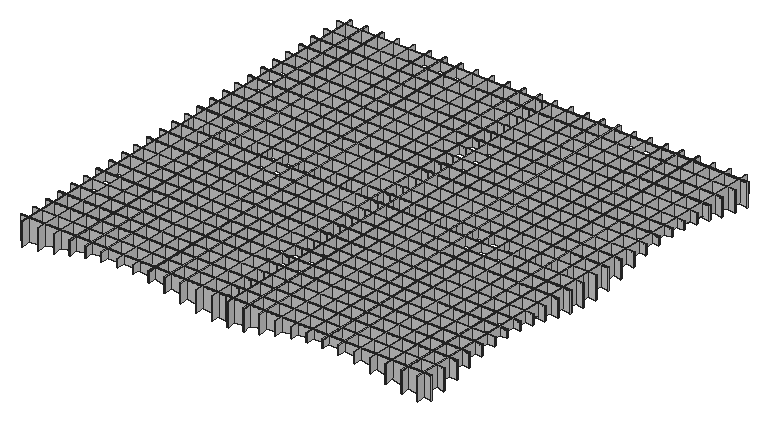
Revit family "CLD-WFL-002_RFA", category Modelos genéricos, Revit 2022 (continued)
Forms (in)
  Extrusion 220, solid
    sketch origin (0, 120.10067, 0) x (1, 0, 0) y (0, 0, 1)
      loop
        spline (95.78122, 2.96599) -> (96.4698, 2.85601) -> (97.15931, 2.74512) -> (97.84968, 2.63332) -> (98.54085, 2.52058) -> (99.23273, 2.40692) -> (99.92527, 2.2923) -> (100.61838, 2.17673) -> (101.31201, 2.06019) -> (102.00608, 1.94268) -> (102.70052, 1.82418) -> (103.39525, 1.70469) -> (104.09022, 1.58418)
        spline (104.09022, 1.58418) -> (104.41609, 1.52715) -> (104.74197, 1.46988) -> (105.06787, 1.41237) -> (105.39376, 1.35462) -> (105.71965, 1.29662) -> (106.04553, 1.23838) -> (106.37138, 1.1799) -> (106.6972, 1.12116) -> (107.02298, 1.06219) -> (107.34871, 1.00296) -> (107.67439, 0.94348) -> (108, 0.88375)
        line (108, 0.88375) -> (108, 11.82144)
    from -0.11811 to 0
  Extrusion 221, solid
    sketch origin (0, 120.57311, 0) x (1, 0, 0) y (0, 0, 1)
      loop
        line (108, 11.82144) -> (0, 11.82144) -> (0, 0.88375)
        spline (0, 0.88375) -> (0.32561, 0.94348) -> (0.65129, 1.00296) -> (0.97702, 1.06219) -> (1.3028, 1.12116) -> (1.62862, 1.1799) -> (1.95447, 1.23838) -> (2.28035, 1.29662) -> (2.60624, 1.35462) -> (2.93213, 1.41237) -> (3.25803, 1.46988) -> (3.58391, 1.52715) -> (3.90978, 1.58418)
        spline (3.90978, 1.58418) -> (4.64426, 1.71122) -> (5.37851, 1.8372) -> (6.11243, 1.96212) -> (6.84596, 2.086) -> (7.57903, 2.20885) -> (8.31155, 2.33067) -> (9.04347, 2.45149) -> (9.77469, 2.57131) -> (10.50515, 2.69014) -> (11.23478, 2.80798) -> (11.96349, 2.92486) -> (12.69122, 3.04079)
        spline (12.69122, 3.04079) -> (13.34952, 3.14441) -> (14.00673, 3.24717) -> (14.66285, 3.34906) -> (15.31792, 3.45005) -> (15.97202, 3.55011) -> (16.62518, 3.64921) -> (17.27747, 3.74732) -> (17.92894, 3.8444) -> (18.57965, 3.94043) -> (19.22966, 4.03537) -> (19.87902, 4.12919) -> (20.52778, 4.22187)
        spline (20.52778, 4.22187) -> (21.26116, 4.32437) -> (21.99403, 4.42546) -> (22.72646, 4.52511) -> (23.45852, 4.62328) -> (24.19027, 4.71993) -> (24.92177, 4.81503) -> (25.6531, 4.90854) -> (26.3843, 5.00042) -> (27.11545, 5.09065) -> (27.84662, 5.17918) -> (28.57786, 5.26598) -> (29.30922, 5.35101)
        spline (29.30922, 5.35101) -> (29.95995, 5.42391) -> (30.61094, 5.49516) -> (31.26223, 5.56472) -> (31.91387, 5.63257) -> (32.56591, 5.69867) -> (33.21841, 5.763) -> (33.87141, 5.82551) -> (34.52497, 5.88618) -> (35.17914, 5.94498) -> (35.83396, 6.00187) -> (36.48949, 6.05683) -> (37.14578, 6.10982)
        spline (37.14578, 6.10982) -> (37.87194, 6.16453) -> (38.59907, 6.21702) -> (39.32723, 6.26723) -> (40.05647, 6.31514) -> (40.78684, 6.36072) -> (41.51831, 6.40397) -> (42.25083, 6.44489) -> (42.98434, 6.4835) -> (43.71879, 6.51981) -> (44.45413, 6.55383) -> (45.19029, 6.58557) -> (45.92722, 6.61503)
        spline (45.92722, 6.61503) -> (46.57816, 6.6376) -> (47.22964, 6.65822) -> (47.88162, 6.67689) -> (48.53404, 6.69363) -> (49.18687, 6.70845) -> (49.84004, 6.72134) -> (50.49352, 6.73234) -> (51.14725, 6.74143) -> (51.80119, 6.74863) -> (52.45529, 6.75396) -> (53.1095, 6.75742) -> (53.76378, 6.75901)
        spline (53.76378, 6.75901) -> (54.49695, 6.7572) -> (55.23004, 6.75331) -> (55.96301, 6.74732) -> (56.6958, 6.73922) -> (57.42835, 6.72901) -> (58.16062, 6.71667) -> (58.89255, 6.7022) -> (59.62408, 6.68557) -> (60.35517, 6.66679) -> (61.08576, 6.64585) -> (61.81579, 6.62272) -> (62.54522, 6.59741)
        spline (62.54522, 6.59741) -> (63.20286, 6.57112) -> (63.85981, 6.54281) -> (64.51602, 6.51247) -> (65.17144, 6.48008) -> (65.82603, 6.44563) -> (66.47973, 6.40912) -> (67.1325, 6.37054) -> (67.78428, 6.32988) -> (68.43505, 6.28713) -> (69.08486, 6.24233) -> (69.73376, 6.19551) -> (70.38178, 6.14669)
        spline (70.38178, 6.14669) -> (71.1172, 6.08737) -> (71.85177, 6.02584) -> (72.58554, 5.96214) -> (73.31858, 5.89631) -> (74.05094, 5.82838) -> (74.78268, 5.75838) -> (75.51386, 5.68636) -> (76.24452, 5.61234) -> (76.97473, 5.53637) -> (77.70455, 5.45847) -> (78.43403, 5.37869) -> (79.16322, 5.29705)
        spline (79.16322, 5.29705) -> (79.81589, 5.22111) -> (80.46845, 5.14359) -> (81.12094, 5.06452) -> (81.77342, 4.98394) -> (82.42595, 4.90188) -> (83.07858, 4.81837) -> (83.73137, 4.73344) -> (84.38439, 4.64713) -> (85.03768, 4.55947) -> (85.6913, 4.47048) -> (86.34531, 4.3802) -> (86.99978, 4.28866)
        spline (86.99978, 4.28866) -> (87.72677, 4.18488) -> (88.45442, 4.07981) -> (89.1828, 3.97349) -> (89.91197, 3.86595) -> (90.64199, 3.75723) -> (91.37293, 3.64737) -> (92.10485, 3.53639) -> (92.8378, 3.42433) -> (93.57186, 3.31123) -> (94.30709, 3.19712) -> (95.04354, 3.08203) -> (95.78122, 2.96599)
        spline (95.78122, 2.96599) -> (96.4698, 2.85601) -> (97.15931, 2.74512) -> (97.84968, 2.63332) -> (98.54085, 2.52058) -> (99.23273, 2.40692) -> (99.92527, 2.2923) -> (100.61838, 2.17673) -> (101.31201, 2.06019) -> (102.00608, 1.94268) -> (102.70052, 1.82418) -> (103.39525, 1.70469) -> (104.09022, 1.58418)
        spline (104.09022, 1.58418) -> (104.41609, 1.52715) -> (104.74197, 1.46988) -> (105.06787, 1.41237) -> (105.39376, 1.35462) -> (105.71965, 1.29662) -> (106.04553, 1.23838) -> (106.37138, 1.1799) -> (106.6972, 1.12116) -> (107.02298, 1.06219) -> (107.34871, 1.00296) -> (107.67439, 0.94348) -> (108, 0.88375)
        line (108, 0.88375) -> (108, 11.82144)
    from -0.11811 to 0.35433
  Extrusion 222, solid
    sketch origin (0, 128.40967, 0) x (1, 0, 0) y (0, 0, 1)
      loop
        line (108, 11.82144) -> (0, 11.82144) -> (0, 2.55729)
        spline (0, 2.55729) -> (0.32561, 2.61504) -> (0.65129, 2.67215) -> (0.97702, 2.72862) -> (1.3028, 2.78445) -> (1.62862, 2.83963) -> (1.95447, 2.89415) -> (2.28035, 2.94802) -> (2.60624, 3.00123) -> (2.93213, 3.05379) -> (3.25803, 3.10567) -> (3.58391, 3.15689) -> (3.90978, 3.20744)
        spline (3.90978, 3.20744) -> (4.64427, 3.31686) -> (5.37851, 3.42317) -> (6.11243, 3.52634) -> (6.84596, 3.62635) -> (7.57903, 3.72316) -> (8.31156, 3.81675) -> (9.04347, 3.90709) -> (9.77469, 3.99415) -> (10.50515, 4.07789) -> (11.23478, 4.1583) -> (11.96349, 4.23534) -> (12.69122, 4.30898)
        spline (12.69122, 4.30898) -> (13.34952, 4.37039) -> (14.00673, 4.4286) -> (14.66285, 4.48364) -> (15.31792, 4.53559) -> (15.97202, 4.58455) -> (16.62518, 4.63059) -> (17.27747, 4.67381) -> (17.92894, 4.71429) -> (18.57965, 4.75212) -> (19.22966, 4.78738) -> (19.87902, 4.82016) -> (20.52778, 4.85054)
        spline (20.52778, 4.85054) -> (21.26115, 4.88062) -> (21.99402, 4.90823) -> (22.72646, 4.93347) -> (23.45851, 4.95644) -> (24.19026, 4.97724) -> (24.92176, 4.99598) -> (25.65309, 5.01275) -> (26.38429, 5.02764) -> (27.11545, 5.04077) -> (27.84661, 5.05223) -> (28.57785, 5.06211) -> (29.30922, 5.07053)
        spline (29.30922, 5.07053) -> (29.95995, 5.07584) -> (30.61094, 5.08009) -> (31.26223, 5.08336) -> (31.91387, 5.08574) -> (32.56591, 5.08733) -> (33.21841, 5.0882) -> (33.87141, 5.08846) -> (34.52497, 5.08817) -> (35.17914, 5.08744) -> (35.83396, 5.08636) -> (36.48949, 5.085) -> (37.14578, 5.08346)
        spline (37.14578, 5.08346) -> (37.87194, 5.08165) -> (38.59907, 5.0799) -> (39.32723, 5.0783) -> (40.05647, 5.07696) -> (40.78684, 5.07594) -> (41.51831, 5.07527) -> (42.25083, 5.07491) -> (42.98434, 5.07483) -> (43.7188, 5.075) -> (44.45413, 5.07538) -> (45.19029, 5.07596) -> (45.92722, 5.0767)
        spline (45.92722, 5.0767) -> (46.57816, 5.07753) -> (47.22964, 5.07843) -> (47.88162, 5.07937) -> (48.53404, 5.08033) -> (49.18687, 5.08128) -> (49.84004, 5.0822) -> (50.49352, 5.08306) -> (51.14725, 5.08383) -> (51.80119, 5.0845) -> (52.45529, 5.08503) -> (53.1095, 5.0854) -> (53.76378, 5.08558)
        spline (53.76378, 5.08558) -> (54.49695, 5.08542) -> (55.23004, 5.08505) -> (55.96301, 5.0845) -> (56.6958, 5.0838) -> (57.42835, 5.08298) -> (58.16062, 5.08206) -> (58.89255, 5.08107) -> (59.62408, 5.08005) -> (60.35517, 5.07902) -> (61.08576, 5.07801) -> (61.81579, 5.07705) -> (62.54522, 5.07616)
        spline (62.54522, 5.07616) -> (63.20286, 5.07551) -> (63.85981, 5.075) -> (64.51602, 5.07466) -> (65.17144, 5.07452) -> (65.82603, 5.0746) -> (66.47973, 5.07493) -> (67.1325, 5.07554) -> (67.78428, 5.07645) -> (68.43505, 5.07766) -> (69.08486, 5.07909) -> (69.73376, 5.08066) -> (70.38178, 5.08229)
        spline (70.38178, 5.08229) -> (71.1172, 5.08386) -> (71.85177, 5.08523) -> (72.58555, 5.08629) -> (73.31859, 5.08695) -> (74.05095, 5.08712) -> (74.78269, 5.08668) -> (75.51386, 5.08555) -> (76.24453, 5.08362) -> (76.97474, 5.08079) -> (77.70455, 5.07697) -> (78.43403, 5.07206) -> (79.16322, 5.06596)
        spline (79.16322, 5.06596) -> (79.81589, 5.05858) -> (80.46845, 5.04989) -> (81.12094, 5.0398) -> (81.77342, 5.02821) -> (82.42595, 5.01505) -> (83.07858, 5.00022) -> (83.73137, 4.98363) -> (84.38439, 4.9652) -> (85.03768, 4.94483) -> (85.6913, 4.92244) -> (86.34531, 4.89793) -> (86.99978, 4.87123)
        spline (86.99978, 4.87123) -> (87.72677, 4.83707) -> (88.45442, 4.80022) -> (89.18281, 4.7606) -> (89.91198, 4.7181) -> (90.642, 4.67263) -> (91.37294, 4.62408) -> (92.10486, 4.57237) -> (92.83781, 4.5174) -> (93.57187, 4.45907) -> (94.3071, 4.39728) -> (95.04355, 4.33194) -> (95.78122, 4.26301)
        spline (95.78122, 4.26301) -> (96.43065, 4.19725) -> (97.08095, 4.12847) -> (97.73207, 4.05667) -> (98.38393, 3.9819) -> (99.03648, 3.90417) -> (99.68963, 3.82352) -> (100.34334, 3.73996) -> (100.99753, 3.65352) -> (101.65213, 3.56424) -> (102.30709, 3.47213) -> (102.96233, 3.37722) -> (103.61778, 3.27954)
        spline (103.61778, 3.27954) -> (103.98302, 3.22342) -> (104.34828, 3.16655) -> (104.71355, 3.10893) -> (105.07882, 3.05057) -> (105.44409, 2.99146) -> (105.80934, 2.93162) -> (106.17456, 2.87105) -> (106.53976, 2.80974) -> (106.9049, 2.74771) -> (107.27, 2.68496) -> (107.63504, 2.62148) -> (108, 2.55729)
        line (108, 2.55729) -> (108, 11.82144)
    from -0.11811 to 0
  Extrusion 223, solid
    sketch origin (0, 128.52778, 0) x (1, 0, 0) y (0, 0, 1)
      loop
        line (108, 11.82144) -> (0, 11.82144) -> (0, 2.55729)
        spline (0, 2.55729) -> (0.32561, 2.61504) -> (0.65129, 2.67215) -> (0.97702, 2.72862) -> (1.3028, 2.78445) -> (1.62862, 2.83963) -> (1.95447, 2.89415) -> (2.28035, 2.94802) -> (2.60624, 3.00123) -> (2.93213, 3.05379) -> (3.25803, 3.10567) -> (3.58391, 3.15689) -> (3.90978, 3.20744)
        spline (3.90978, 3.20744) -> (4.64427, 3.31686) -> (5.37851, 3.42317) -> (6.11243, 3.52634) -> (6.84596, 3.62635) -> (7.57903, 3.72316) -> (8.31156, 3.81675) -> (9.04347, 3.90709) -> (9.77469, 3.99415) -> (10.50515, 4.07789) -> (11.23478, 4.1583) -> (11.96349, 4.23534) -> (12.69122, 4.30898)
        spline (12.69122, 4.30898) -> (13.34952, 4.37039) -> (14.00673, 4.4286) -> (14.66285, 4.48364) -> (15.31792, 4.53559) -> (15.97202, 4.58455) -> (16.62518, 4.63059) -> (17.27747, 4.67381) -> (17.92894, 4.71429) -> (18.57965, 4.75212) -> (19.22966, 4.78738) -> (19.87902, 4.82016) -> (20.52778, 4.85054)
        spline (20.52778, 4.85054) -> (21.26115, 4.88062) -> (21.99402, 4.90823) -> (22.72646, 4.93347) -> (23.45851, 4.95644) -> (24.19026, 4.97724) -> (24.92176, 4.99598) -> (25.65309, 5.01275) -> (26.38429, 5.02764) -> (27.11545, 5.04077) -> (27.84661, 5.05223) -> (28.57785, 5.06211) -> (29.30922, 5.07053)
        spline (29.30922, 5.07053) -> (29.95995, 5.07584) -> (30.61094, 5.08009) -> (31.26223, 5.08336) -> (31.91387, 5.08574) -> (32.56591, 5.08733) -> (33.21841, 5.0882) -> (33.87141, 5.08846) -> (34.52497, 5.08817) -> (35.17914, 5.08744) -> (35.83396, 5.08636) -> (36.48949, 5.085) -> (37.14578, 5.08346)
        spline (37.14578, 5.08346) -> (37.87194, 5.08165) -> (38.59907, 5.0799) -> (39.32723, 5.0783) -> (40.05647, 5.07696) -> (40.78684, 5.07594) -> (41.51831, 5.07527) -> (42.25083, 5.07491) -> (42.98434, 5.07483) -> (43.7188, 5.075) -> (44.45413, 5.07538) -> (45.19029, 5.07596) -> (45.92722, 5.0767)
        spline (45.92722, 5.0767) -> (46.57816, 5.07753) -> (47.22964, 5.07843) -> (47.88162, 5.07937) -> (48.53404, 5.08033) -> (49.18687, 5.08128) -> (49.84004, 5.0822) -> (50.49352, 5.08306) -> (51.14725, 5.08383) -> (51.80119, 5.0845) -> (52.45529, 5.08503) -> (53.1095, 5.0854) -> (53.76378, 5.08558)
        spline (53.76378, 5.08558) -> (54.49695, 5.08542) -> (55.23004, 5.08505) -> (55.96301, 5.0845) -> (56.6958, 5.0838) -> (57.42835, 5.08298) -> (58.16062, 5.08206) -> (58.89255, 5.08107) -> (59.62408, 5.08005) -> (60.35517, 5.07902) -> (61.08576, 5.07801) -> (61.81579, 5.07705) -> (62.54522, 5.07616)
        spline (62.54522, 5.07616) -> (63.20286, 5.07551) -> (63.85981, 5.075) -> (64.51602, 5.07466) -> (65.17144, 5.07452) -> (65.82603, 5.0746) -> (66.47973, 5.07493) -> (67.1325, 5.07554) -> (67.78428, 5.07645) -> (68.43505, 5.07766) -> (69.08486, 5.07909) -> (69.73376, 5.08066) -> (70.38178, 5.08229)
        spline (70.38178, 5.08229) -> (71.1172, 5.08386) -> (71.85177, 5.08523) -> (72.58555, 5.08629) -> (73.31859, 5.08695) -> (74.05095, 5.08712) -> (74.78269, 5.08668) -> (75.51386, 5.08555) -> (76.24453, 5.08362) -> (76.97474, 5.08079) -> (77.70455, 5.07697) -> (78.43403, 5.07206) -> (79.16322, 5.06596)
        spline (79.16322, 5.06596) -> (79.81589, 5.05858) -> (80.46845, 5.04989) -> (81.12094, 5.0398) -> (81.77342, 5.02821) -> (82.42595, 5.01505) -> (83.07858, 5.00022) -> (83.73137, 4.98363) -> (84.38439, 4.9652) -> (85.03768, 4.94483) -> (85.6913, 4.92244) -> (86.34531, 4.89793) -> (86.99978, 4.87123)
        spline (86.99978, 4.87123) -> (87.72677, 4.83707) -> (88.45442, 4.80022) -> (89.18281, 4.7606) -> (89.91198, 4.7181) -> (90.642, 4.67263) -> (91.37294, 4.62408) -> (92.10486, 4.57237) -> (92.83781, 4.5174) -> (93.57187, 4.45907) -> (94.3071, 4.39728) -> (95.04355, 4.33194) -> (95.78122, 4.26301)
        spline (95.78122, 4.26301) -> (96.43065, 4.19725) -> (97.08095, 4.12847) -> (97.73207, 4.05667) -> (98.38393, 3.9819) -> (99.03648, 3.90417) -> (99.68963, 3.82352) -> (100.34334, 3.73996) -> (100.99753, 3.65352) -> (101.65213, 3.56424) -> (102.30709, 3.47213) -> (102.96233, 3.37722) -> (103.61778, 3.27954)
        spline (103.61778, 3.27954) -> (103.98302, 3.22342) -> (104.34828, 3.16655) -> (104.71355, 3.10893) -> (105.07882, 3.05057) -> (105.44409, 2.99146) -> (105.80934, 2.93162) -> (106.17456, 2.87105) -> (106.53976, 2.80974) -> (106.9049, 2.74771) -> (107.27, 2.68496) -> (107.63504, 2.62148) -> (108, 2.55729)
        line (108, 2.55729) -> (108, 11.82144)
    from -0.47244 to 0
  Extrusion 224, solid
    sketch origin (0, 136.71867, 0) x (1, 0, 0) y (0, 0, 1)
      loop
        line (108, 11.82144) -> (0, 11.82144) -> (0, 4.58891)
        spline (0, 4.58891) -> (0.32561, 4.62796) -> (0.65129, 4.66617) -> (0.97702, 4.70353) -> (1.3028, 4.74004) -> (1.62862, 4.77569) -> (1.95447, 4.81048) -> (2.28035, 4.84439) -> (2.60624, 4.87743) -> (2.93213, 4.90957) -> (3.25803, 4.94083) -> (3.58391, 4.97119) -> (3.90978, 5.00064)
        spline (3.90978, 5.00064) -> (4.64427, 5.06081) -> (5.37851, 5.11675) -> (6.11244, 5.16838) -> (6.84597, 5.21566) -> (7.57904, 5.25851) -> (8.31157, 5.29688) -> (9.04348, 5.33072) -> (9.7747, 5.35995) -> (10.50516, 5.38452) -> (11.23478, 5.40437) -> (11.96349, 5.41944) -> (12.69122, 5.42966)
        spline (12.69122, 5.42966) -> (13.34952, 5.43128) -> (14.00673, 5.42829) -> (14.66285, 5.42076) -> (15.31792, 5.40886) -> (15.97202, 5.39278) -> (16.62518, 5.37269) -> (17.27747, 5.34877) -> (17.92894, 5.32119) -> (18.57965, 5.29014) -> (19.22966, 5.2558) -> (19.87902, 5.21833) -> (20.52778, 5.17793)
        spline (20.52778, 5.17793) -> (21.26115, 5.12722) -> (21.99402, 5.0737) -> (22.72645, 5.01759) -> (23.45851, 4.95908) -> (24.19025, 4.89838) -> (24.92176, 4.8357) -> (25.65308, 4.77124) -> (26.38429, 4.70521) -> (27.11544, 4.63782) -> (27.84661, 4.56926) -> (28.57785, 4.49975) -> (29.30922, 4.42949)
        spline (29.30922, 4.42949) -> (29.95995, 4.366) -> (30.61094, 4.30234) -> (31.26223, 4.2387) -> (31.91387, 4.17525) -> (32.56591, 4.11218) -> (33.21841, 4.04966) -> (33.87141, 3.98789) -> (34.52497, 3.92703) -> (35.17914, 3.86728) -> (35.83396, 3.80881) -> (36.48949, 3.75181) -> (37.14578, 3.69645)
        spline (37.14578, 3.69645) -> (37.87194, 3.63892) -> (38.59907, 3.58371) -> (39.32723, 3.53102) -> (40.05647, 3.48105) -> (40.78684, 3.43397) -> (41.51831, 3.38979) -> (42.25083, 3.34845) -> (42.98434, 3.30989) -> (43.7188, 3.27405) -> (44.45413, 3.24086) -> (45.19029, 3.21027) -> (45.92722, 3.18221)
        spline (45.92722, 3.18221) -> (46.57816, 3.16116) -> (47.22964, 3.14217) -> (47.88162, 3.12519) -> (48.53404, 3.11017) -> (49.18687, 3.09705) -> (49.84004, 3.08579) -> (50.49352, 3.07632) -> (51.14725, 3.06859) -> (51.80119, 3.06255) -> (52.45529, 3.05816) -> (53.1095, 3.05535) -> (53.76378, 3.05407)
        spline (53.76378, 3.05407) -> (54.49695, 3.0556) -> (55.23004, 3.05885) -> (55.96301, 3.06387) -> (56.6958, 3.07073) -> (57.42836, 3.07948) -> (58.16062, 3.09019) -> (58.89255, 3.10292) -> (59.62409, 3.11771) -> (60.35517, 3.13464) -> (61.08576, 3.15376) -> (61.81579, 3.17514) -> (62.54522, 3.19882)
        spline (62.54522, 3.19882) -> (63.20286, 3.22386) -> (63.85981, 3.25117) -> (64.51602, 3.28078) -> (65.17144, 3.31277) -> (65.82603, 3.34719) -> (66.47973, 3.38408) -> (67.1325, 3.42351) -> (67.78428, 3.46553) -> (68.43505, 3.51013) -> (69.08486, 3.55715) -> (69.73376, 3.60642) -> (70.38178, 3.65777)
        spline (70.38178, 3.65777) -> (71.1172, 3.71948) -> (71.85176, 3.78304) -> (72.58554, 3.84824) -> (73.31858, 3.91488) -> (74.05094, 3.98275) -> (74.78268, 4.05166) -> (75.51385, 4.12139) -> (76.24452, 4.19176) -> (76.97473, 4.26254) -> (77.70455, 4.33354) -> (78.43403, 4.40456) -> (79.16322, 4.47539)
        spline (79.16322, 4.47539) -> (79.80403, 4.53723) -> (80.44473, 4.59841) -> (81.08536, 4.65876) -> (81.72599, 4.7181) -> (82.36666, 4.77623) -> (83.00743, 4.83299) -> (83.64836, 4.88819) -> (84.28951, 4.94166) -> (84.93093, 4.9932) -> (85.57267, 5.04265) -> (86.21481, 5.08982) -> (86.85738, 5.13453)
        spline (86.85738, 5.13453) -> (87.59614, 5.18092) -> (88.33559, 5.22395) -> (89.07577, 5.26344) -> (89.81676, 5.29917) -> (90.55862, 5.33094) -> (91.30141, 5.35856) -> (92.04519, 5.38181) -> (92.79004, 5.4005) -> (93.53601, 5.41442) -> (94.28316, 5.42338) -> (95.03157, 5.42716) -> (95.78122, 5.4257)
        spline (95.78122, 5.4257) -> (96.43065, 5.41648) -> (97.08095, 5.40294) -> (97.73207, 5.38513) -> (98.38393, 5.36311) -> (99.03648, 5.33693) -> (99.68963, 5.30665) -> (100.34334, 5.27231) -> (100.99753, 5.23398) -> (101.65213, 5.19169) -> (102.30709, 5.14552) -> (102.96233, 5.09551) -> (103.61778, 5.04172)
        spline (103.61778, 5.04172) -> (103.98301, 5.00943) -> (104.34827, 4.97613) -> (104.71354, 4.94182) -> (105.07881, 4.90651) -> (105.44407, 4.8702) -> (105.80932, 4.83291) -> (106.17455, 4.79465) -> (106.53974, 4.75541) -> (106.90489, 4.71521) -> (107.26999, 4.67406) -> (107.63503, 4.63196) -> (108, 4.58891)
        line (108, 4.58891) -> (108, 11.82144)
    from -0.11811 to 0
  Extrusion 225, solid
    sketch origin (0, 136.83678, 0) x (1, 0, 0) y (0, 0, 1)
      loop
        line (108, 11.82144) -> (0, 11.82144) -> (0, 4.58891)
        spline (0, 4.58891) -> (0.32561, 4.62796) -> (0.65129, 4.66617) -> (0.97702, 4.70353) -> (1.3028, 4.74004) -> (1.62862, 4.77569) -> (1.95447, 4.81048) -> (2.28035, 4.84439) -> (2.60624, 4.87743) -> (2.93213, 4.90957) -> (3.25803, 4.94083) -> (3.58391, 4.97119) -> (3.90978, 5.00064)
        spline (3.90978, 5.00064) -> (4.64427, 5.06081) -> (5.37851, 5.11675) -> (6.11244, 5.16838) -> (6.84597, 5.21566) -> (7.57904, 5.25851) -> (8.31157, 5.29688) -> (9.04348, 5.33072) -> (9.7747, 5.35995) -> (10.50516, 5.38452) -> (11.23478, 5.40437) -> (11.96349, 5.41944) -> (12.69122, 5.42966)
        spline (12.69122, 5.42966) -> (13.34952, 5.43128) -> (14.00673, 5.42829) -> (14.66285, 5.42076) -> (15.31792, 5.40886) -> (15.97202, 5.39278) -> (16.62518, 5.37269) -> (17.27747, 5.34877) -> (17.92894, 5.32119) -> (18.57965, 5.29014) -> (19.22966, 5.2558) -> (19.87902, 5.21833) -> (20.52778, 5.17793)
        spline (20.52778, 5.17793) -> (21.26115, 5.12722) -> (21.99402, 5.0737) -> (22.72645, 5.01759) -> (23.45851, 4.95908) -> (24.19025, 4.89838) -> (24.92176, 4.8357) -> (25.65308, 4.77124) -> (26.38429, 4.70521) -> (27.11544, 4.63782) -> (27.84661, 4.56926) -> (28.57785, 4.49975) -> (29.30922, 4.42949)
        spline (29.30922, 4.42949) -> (29.95995, 4.366) -> (30.61094, 4.30234) -> (31.26223, 4.2387) -> (31.91387, 4.17525) -> (32.56591, 4.11218) -> (33.21841, 4.04966) -> (33.87141, 3.98789) -> (34.52497, 3.92703) -> (35.17914, 3.86728) -> (35.83396, 3.80881) -> (36.48949, 3.75181) -> (37.14578, 3.69645)
        spline (37.14578, 3.69645) -> (37.87194, 3.63892) -> (38.59907, 3.58371) -> (39.32723, 3.53102) -> (40.05647, 3.48105) -> (40.78684, 3.43397) -> (41.51831, 3.38979) -> (42.25083, 3.34845) -> (42.98434, 3.30989) -> (43.7188, 3.27405) -> (44.45413, 3.24086) -> (45.19029, 3.21027) -> (45.92722, 3.18221)
        spline (45.92722, 3.18221) -> (46.57816, 3.16116) -> (47.22964, 3.14217) -> (47.88162, 3.12519) -> (48.53404, 3.11017) -> (49.18687, 3.09705) -> (49.84004, 3.08579) -> (50.49352, 3.07632) -> (51.14725, 3.06859) -> (51.80119, 3.06255) -> (52.45529, 3.05816) -> (53.1095, 3.05535) -> (53.76378, 3.05407)
        spline (53.76378, 3.05407) -> (54.49695, 3.0556) -> (55.23004, 3.05885) -> (55.96301, 3.06387) -> (56.6958, 3.07073) -> (57.42836, 3.07948) -> (58.16062, 3.09019) -> (58.89255, 3.10292) -> (59.62409, 3.11771) -> (60.35517, 3.13464) -> (61.08576, 3.15376) -> (61.81579, 3.17514) -> (62.54522, 3.19882)
        spline (62.54522, 3.19882) -> (63.20286, 3.22386) -> (63.85981, 3.25117) -> (64.51602, 3.28078) -> (65.17144, 3.31277) -> (65.82603, 3.34719) -> (66.47973, 3.38408) -> (67.1325, 3.42351) -> (67.78428, 3.46553) -> (68.43505, 3.51013) -> (69.08486, 3.55715) -> (69.73376, 3.60642) -> (70.38178, 3.65777)
        spline (70.38178, 3.65777) -> (71.1172, 3.71948) -> (71.85176, 3.78304) -> (72.58554, 3.84824) -> (73.31858, 3.91488) -> (74.05094, 3.98275) -> (74.78268, 4.05166) -> (75.51385, 4.12139) -> (76.24452, 4.19176) -> (76.97473, 4.26254) -> (77.70455, 4.33354) -> (78.43403, 4.40456) -> (79.16322, 4.47539)
        spline (79.16322, 4.47539) -> (79.80403, 4.53723) -> (80.44473, 4.59841) -> (81.08536, 4.65876) -> (81.72599, 4.7181) -> (82.36666, 4.77623) -> (83.00743, 4.83299) -> (83.64836, 4.88819) -> (84.28951, 4.94166) -> (84.93093, 4.9932) -> (85.57267, 5.04265) -> (86.21481, 5.08982) -> (86.85738, 5.13453)
        spline (86.85738, 5.13453) -> (87.59614, 5.18092) -> (88.33559, 5.22395) -> (89.07577, 5.26344) -> (89.81676, 5.29917) -> (90.55862, 5.33094) -> (91.30141, 5.35856) -> (92.04519, 5.38181) -> (92.79004, 5.4005) -> (93.53601, 5.41442) -> (94.28316, 5.42338) -> (95.03157, 5.42716) -> (95.78122, 5.4257)
        spline (95.78122, 5.4257) -> (96.43065, 5.41648) -> (97.08095, 5.40294) -> (97.73207, 5.38513) -> (98.38393, 5.36311) -> (99.03648, 5.33693) -> (99.68963, 5.30665) -> (100.34334, 5.27231) -> (100.99753, 5.23398) -> (101.65213, 5.19169) -> (102.30709, 5.14552) -> (102.96233, 5.09551) -> (103.61778, 5.04172)
        spline (103.61778, 5.04172) -> (103.98301, 5.00943) -> (104.34827, 4.97613) -> (104.71354, 4.94182) -> (105.07881, 4.90651) -> (105.44407, 4.8702) -> (105.80932, 4.83291) -> (106.17455, 4.79465) -> (106.53974, 4.75541) -> (106.90489, 4.71521) -> (107.26999, 4.67406) -> (107.63503, 4.63196) -> (108, 4.58891)
        line (108, 4.58891) -> (108, 11.82144)
    from -0.47244 to 0
  Extrusion 226, solid
    sketch origin (0, 145.02767, 0) x (1, 0, 0) y (0, 0, 1)
      loop
        line (108, 11.82144) -> (0, 11.82144) -> (0, 6.40455)
        spline (0, 6.40455) -> (0.32561, 6.42139) -> (0.65129, 6.43729) -> (0.97702, 6.45226) -> (1.3028, 6.46628) -> (1.62862, 6.47935) -> (1.95447, 6.49146) -> (2.28035, 6.50259) -> (2.60624, 6.51274) -> (2.93213, 6.52189) -> (3.25803, 6.53005) -> (3.58391, 6.5372) -> (3.90978, 6.54334)
        spline (3.90978, 6.54334) -> (4.64427, 6.55011) -> (5.37852, 6.55208) -> (6.11244, 6.54917) -> (6.84598, 6.5413) -> (7.57905, 6.52839) -> (8.31157, 6.51035) -> (9.04349, 6.4871) -> (9.77471, 6.45856) -> (10.50517, 6.42465) -> (11.23479, 6.38528) -> (11.9635, 6.34038) -> (12.69122, 6.28985)
        spline (12.69122, 6.28985) -> (13.34952, 6.23514) -> (14.00673, 6.17505) -> (14.66285, 6.10968) -> (15.31792, 6.03926) -> (15.97202, 5.96405) -> (16.62518, 5.88427) -> (17.27747, 5.80017) -> (17.92894, 5.712) -> (18.57965, 5.62) -> (19.22966, 5.52441) -> (19.87902, 5.42547) -> (20.52778, 5.32343)
        spline (20.52778, 5.32343) -> (21.26115, 5.20293) -> (21.99402, 5.07965) -> (22.72645, 4.95385) -> (23.4585, 4.82583) -> (24.19025, 4.69586) -> (24.92176, 4.56423) -> (25.65308, 4.43121) -> (26.38429, 4.29709) -> (27.11544, 4.16214) -> (27.84661, 4.02665) -> (28.57785, 3.8909) -> (29.30922, 3.75516)
        spline (29.30922, 3.75516) -> (29.95995, 3.63466) -> (30.61094, 3.51485) -> (31.26223, 3.39599) -> (31.91387, 3.2783) -> (32.56591, 3.16206) -> (33.21841, 3.04749) -> (33.87141, 2.93486) -> (34.52497, 2.8244) -> (35.17914, 2.71637) -> (35.83396, 2.61101) -> (36.48949, 2.50857) -> (37.14578, 2.4093)
        spline (37.14578, 2.4093) -> (37.87194, 2.30632) -> (38.59907, 2.20751) -> (39.32723, 2.11315) -> (40.05647, 2.02349) -> (40.78684, 1.93878) -> (41.51831, 1.85902) -> (42.25083, 1.78415) -> (42.98434, 1.71406) -> (43.71879, 1.64869) -> (44.45413, 1.58794) -> (45.19029, 1.53174) -> (45.92722, 1.47999)
        spline (45.92722, 1.47999) -> (46.57816, 1.44092) -> (47.22964, 1.40553) -> (47.88162, 1.37376) -> (48.53404, 1.34552) -> (49.18687, 1.32076) -> (49.84004, 1.2994) -> (50.49352, 1.28136) -> (51.14725, 1.26658) -> (51.80119, 1.25497) -> (52.45529, 1.24648) -> (53.1095, 1.24101) -> (53.76378, 1.23852)
        spline (53.76378, 1.23852) -> (54.49695, 1.24145) -> (55.23005, 1.2477) -> (55.96302, 1.25736) -> (56.69581, 1.2705) -> (57.42836, 1.2872) -> (58.16063, 1.30755) -> (58.89256, 1.33163) -> (59.62409, 1.35951) -> (60.35518, 1.39128) -> (61.08577, 1.42702) -> (61.8158, 1.46681) -> (62.54522, 1.51073)
        spline (62.54522, 1.51073) -> (63.20286, 1.5569) -> (63.85981, 1.60706) -> (64.51602, 1.66127) -> (65.17144, 1.7196) -> (65.82603, 1.78214) -> (66.47973, 1.84896) -> (67.1325, 1.92013) -> (67.78428, 1.99572) -> (68.43505, 2.07573) -> (69.08486, 2.15994) -> (69.73376, 2.24811) -> (70.38178, 2.34001)
        spline (70.38178, 2.34001) -> (71.11719, 2.45082) -> (71.85175, 2.56518) -> (72.58552, 2.6828) -> (73.31856, 2.80343) -> (74.05092, 2.92677) -> (74.78266, 3.05256) -> (75.51384, 3.1805) -> (76.2445, 3.31033) -> (76.97472, 3.44177) -> (77.70454, 3.57454) -> (78.43402, 3.70836) -> (79.16322, 3.84296)
        spline (79.16322, 3.84296) -> (79.81589, 3.96449) -> (80.46845, 4.08604) -> (81.12094, 4.20735) -> (81.77342, 4.32817) -> (82.42595, 4.44826) -> (83.07858, 4.56736) -> (83.73137, 4.68523) -> (84.38439, 4.80161) -> (85.03768, 4.91625) -> (85.6913, 5.02891) -> (86.34531, 5.13933) -> (86.99978, 5.24726)
        spline (86.99978, 5.24726) -> (87.72678, 5.36123) -> (88.45444, 5.47173) -> (89.18283, 5.57848) -> (89.91201, 5.68121) -> (90.64203, 5.77964) -> (91.37298, 5.87351) -> (92.10489, 5.96254) -> (92.83785, 6.04646) -> (93.5719, 6.125) -> (94.30712, 6.19789) -> (95.04356, 6.26486) -> (95.78122, 6.32579)
        spline (95.78122, 6.32579) -> (96.46987, 6.37175) -> (97.15943, 6.41238) -> (97.84985, 6.44778) -> (98.54104, 6.47801) -> (99.23294, 6.50316) -> (99.92548, 6.5233) -> (100.61859, 6.53851) -> (101.3122, 6.54886) -> (102.00624, 6.55445) -> (102.70063, 6.55534) -> (103.39532, 6.55161) -> (104.09022, 6.54334)
        spline (104.09022, 6.54334) -> (104.41609, 6.5372) -> (104.74197, 6.53005) -> (105.06787, 6.52189) -> (105.39376, 6.51274) -> (105.71965, 6.50259) -> (106.04553, 6.49146) -> (106.37138, 6.47935) -> (106.6972, 6.46628) -> (107.02298, 6.45226) -> (107.34871, 6.43729) -> (107.67439, 6.42139) -> (108, 6.40455)
        line (108, 6.40455) -> (108, 11.82144)
    from -0.11811 to 0
  Extrusion 227, solid
    sketch origin (0, 145.14578, 0) x (1, 0, 0) y (0, 0, 1)
      loop
        line (108, 11.82144) -> (0, 11.82144) -> (0, 6.40455)
        spline (0, 6.40455) -> (0.32561, 6.42139) -> (0.65129, 6.43729) -> (0.97702, 6.45226) -> (1.3028, 6.46628) -> (1.62862, 6.47935) -> (1.95447, 6.49146) -> (2.28035, 6.50259) -> (2.60624, 6.51274) -> (2.93213, 6.52189) -> (3.25803, 6.53005) -> (3.58391, 6.5372) -> (3.90978, 6.54334)
        spline (3.90978, 6.54334) -> (4.64427, 6.55011) -> (5.37852, 6.55208) -> (6.11244, 6.54917) -> (6.84598, 6.5413) -> (7.57905, 6.52839) -> (8.31157, 6.51035) -> (9.04349, 6.4871) -> (9.77471, 6.45856) -> (10.50517, 6.42465) -> (11.23479, 6.38528) -> (11.9635, 6.34038) -> (12.69122, 6.28985)
        spline (12.69122, 6.28985) -> (13.34952, 6.23514) -> (14.00673, 6.17505) -> (14.66285, 6.10968) -> (15.31792, 6.03926) -> (15.97202, 5.96405) -> (16.62518, 5.88427) -> (17.27747, 5.80017) -> (17.92894, 5.712) -> (18.57965, 5.62) -> (19.22966, 5.52441) -> (19.87902, 5.42547) -> (20.52778, 5.32343)
        spline (20.52778, 5.32343) -> (21.26115, 5.20293) -> (21.99402, 5.07965) -> (22.72645, 4.95385) -> (23.4585, 4.82583) -> (24.19025, 4.69586) -> (24.92176, 4.56423) -> (25.65308, 4.43121) -> (26.38429, 4.29709) -> (27.11544, 4.16214) -> (27.84661, 4.02665) -> (28.57785, 3.8909) -> (29.30922, 3.75516)
        spline (29.30922, 3.75516) -> (29.95995, 3.63466) -> (30.61094, 3.51485) -> (31.26223, 3.39599) -> (31.91387, 3.2783) -> (32.56591, 3.16206) -> (33.21841, 3.04749) -> (33.87141, 2.93486) -> (34.52497, 2.8244) -> (35.17914, 2.71637) -> (35.83396, 2.61101) -> (36.48949, 2.50857) -> (37.14578, 2.4093)
        spline (37.14578, 2.4093) -> (37.87194, 2.30632) -> (38.59907, 2.20751) -> (39.32723, 2.11315) -> (40.05647, 2.02349) -> (40.78684, 1.93878) -> (41.51831, 1.85902) -> (42.25083, 1.78415) -> (42.98434, 1.71406) -> (43.71879, 1.64869) -> (44.45413, 1.58794) -> (45.19029, 1.53174) -> (45.92722, 1.47999)
        spline (45.92722, 1.47999) -> (46.57816, 1.44092) -> (47.22964, 1.40553) -> (47.88162, 1.37376) -> (48.53404, 1.34552) -> (49.18687, 1.32076) -> (49.84004, 1.2994) -> (50.49352, 1.28136) -> (51.14725, 1.26658) -> (51.80119, 1.25497) -> (52.45529, 1.24648) -> (53.1095, 1.24101) -> (53.76378, 1.23852)
        spline (53.76378, 1.23852) -> (54.49695, 1.24145) -> (55.23005, 1.2477) -> (55.96302, 1.25736) -> (56.69581, 1.2705) -> (57.42836, 1.2872) -> (58.16063, 1.30755) -> (58.89256, 1.33163) -> (59.62409, 1.35951) -> (60.35518, 1.39128) -> (61.08577, 1.42702) -> (61.8158, 1.46681) -> (62.54522, 1.51073)
        spline (62.54522, 1.51073) -> (63.20286, 1.5569) -> (63.85981, 1.60706) -> (64.51602, 1.66127) -> (65.17144, 1.7196) -> (65.82603, 1.78214) -> (66.47973, 1.84896) -> (67.1325, 1.92013) -> (67.78428, 1.99572) -> (68.43505, 2.07573) -> (69.08486, 2.15994) -> (69.73376, 2.24811) -> (70.38178, 2.34001)
        spline (70.38178, 2.34001) -> (71.11719, 2.45082) -> (71.85175, 2.56518) -> (72.58552, 2.6828) -> (73.31856, 2.80343) -> (74.05092, 2.92677) -> (74.78266, 3.05256) -> (75.51384, 3.1805) -> (76.2445, 3.31033) -> (76.97472, 3.44177) -> (77.70454, 3.57454) -> (78.43402, 3.70836) -> (79.16322, 3.84296)
        spline (79.16322, 3.84296) -> (79.81589, 3.96449) -> (80.46845, 4.08604) -> (81.12094, 4.20735) -> (81.77342, 4.32817) -> (82.42595, 4.44826) -> (83.07858, 4.56736) -> (83.73137, 4.68523) -> (84.38439, 4.80161) -> (85.03768, 4.91625) -> (85.6913, 5.02891) -> (86.34531, 5.13933) -> (86.99978, 5.24726)
        spline (86.99978, 5.24726) -> (87.72678, 5.36123) -> (88.45444, 5.47173) -> (89.18283, 5.57848) -> (89.91201, 5.68121) -> (90.64203, 5.77964) -> (91.37298, 5.87351) -> (92.10489, 5.96254) -> (92.83785, 6.04646) -> (93.5719, 6.125) -> (94.30712, 6.19789) -> (95.04356, 6.26486) -> (95.78122, 6.32579)
        spline (95.78122, 6.32579) -> (96.46987, 6.37175) -> (97.15943, 6.41238) -> (97.84985, 6.44778) -> (98.54104, 6.47801) -> (99.23294, 6.50316) -> (99.92548, 6.5233) -> (100.61859, 6.53851) -> (101.3122, 6.54886) -> (102.00624, 6.55445) -> (102.70063, 6.55534) -> (103.39532, 6.55161) -> (104.09022, 6.54334)
        spline (104.09022, 6.54334) -> (104.41609, 6.5372) -> (104.74197, 6.53005) -> (105.06787, 6.52189) -> (105.39376, 6.51274) -> (105.71965, 6.50259) -> (106.04553, 6.49146) -> (106.37138, 6.47935) -> (106.6972, 6.46628) -> (107.02298, 6.45226) -> (107.34871, 6.43729) -> (107.67439, 6.42139) -> (108, 6.40455)
        line (108, 6.40455) -> (108, 11.82144)
    from -0.47244 to 0
  Extrusion 228, solid
    sketch origin (0, 153.33667, 0) x (1, 0, 0) y (0, 0, 1)
      loop
        line (108, 11.82144) -> (0, 11.82144) -> (0, 7.49745)
        spline (0, 7.49745) -> (0.32561, 7.50061) -> (0.65129, 7.5028) -> (0.97702, 7.504) -> (1.3028, 7.50421) -> (1.62862, 7.5034) -> (1.95447, 7.50158) -> (2.28035, 7.49874) -> (2.60624, 7.49485) -> (2.93213, 7.48991) -> (3.25803, 7.48392) -> (3.58391, 7.47685) -> (3.90978, 7.46871)
        spline (3.90978, 7.46871) -> (4.64427, 7.44283) -> (5.37852, 7.41184) -> (6.11245, 7.37564) -> (6.84598, 7.33415) -> (7.57905, 7.28726) -> (8.31158, 7.23488) -> (9.04349, 7.17692) -> (9.77471, 7.11327) -> (10.50517, 7.04386) -> (11.23479, 6.96857) -> (11.9635, 6.88732) -> (12.69122, 6.80001)
        spline (12.69122, 6.80001) -> (13.34456, 6.71191) -> (13.99682, 6.61804) -> (14.64799, 6.5185) -> (15.29813, 6.41358) -> (15.94729, 6.30354) -> (16.59553, 6.18867) -> (17.2429, 6.06925) -> (17.88946, 5.94556) -> (18.53527, 5.81787) -> (19.18038, 5.68647) -> (19.82484, 5.55162) -> (20.46871, 5.41362)
        spline (20.46871, 5.41362) -> (21.20701, 5.25043) -> (21.94481, 5.08446) -> (22.68216, 4.91603) -> (23.41914, 4.74548) -> (24.15581, 4.57314) -> (24.89224, 4.39932) -> (25.62848, 4.22436) -> (26.36461, 4.04857) -> (27.10068, 3.8723) -> (27.83677, 3.69586) -> (28.57293, 3.51959) -> (29.30922, 3.3438)
        spline (29.30922, 3.3438) -> (29.95995, 3.18922) -> (30.61094, 3.03586) -> (31.26223, 2.884) -> (31.91387, 2.73392) -> (32.56591, 2.58591) -> (33.21841, 2.44027) -> (33.87141, 2.29726) -> (34.52497, 2.15719) -> (35.17914, 2.02034) -> (35.83396, 1.88699) -> (36.48949, 1.75744) -> (37.14578, 1.63196)
        spline (37.14578, 1.63196) -> (37.87194, 1.50186) -> (38.59907, 1.37703) -> (39.32723, 1.25779) -> (40.05647, 1.14445) -> (40.78684, 1.03728) -> (41.51831, 0.93629) -> (42.25083, 0.84139) -> (42.98434, 0.75249) -> (43.71879, 0.66948) -> (44.45413, 0.59228) -> (45.19029, 0.52078) -> (45.92722, 0.45488)
        spline (45.92722, 0.45488) -> (46.57816, 0.40504) -> (47.22964, 0.35985) -> (47.88162, 0.31924) -> (48.53404, 0.28312) -> (49.18687, 0.2514) -> (49.84004, 0.224) -> (50.49352, 0.20084) -> (51.14725, 0.18183) -> (51.80119, 0.1669) -> (52.45529, 0.15595) -> (53.1095, 0.14891) -> (53.76378, 0.14568)
        spline (53.76378, 0.14568) -> (54.49695, 0.14945) -> (55.23005, 0.1575) -> (55.96302, 0.16993) -> (56.69581, 0.18682) -> (57.42837, 0.20828) -> (58.16064, 0.23439) -> (58.89257, 0.26525) -> (59.6241, 0.30095) -> (60.35518, 0.34158) -> (61.08577, 0.38725) -> (61.8158, 0.43804) -> (62.54522, 0.49405)
        spline (62.54522, 0.49405) -> (63.20286, 0.55285) -> (63.85981, 0.61666) -> (64.51602, 0.68555) -> (65.17144, 0.75961) -> (65.82603, 0.83894) -> (66.47973, 0.92362) -> (67.1325, 1.01374) -> (67.78428, 1.10938) -> (68.43505, 1.21052) -> (69.08486, 1.31692) -> (69.73376, 1.42831) -> (70.38178, 1.54441)
        spline (70.38178, 1.54441) -> (71.11719, 1.68452) -> (71.85174, 1.82919) -> (72.58551, 1.97812) -> (73.31855, 2.13097) -> (74.05091, 2.28743) -> (74.78265, 2.44718) -> (75.51383, 2.60988) -> (76.24449, 2.77524) -> (76.97471, 2.94291) -> (77.70453, 3.11258) -> (78.43402, 3.28394) -> (79.16322, 3.45665)
        spline (79.16322, 3.45665) -> (79.81589, 3.61318) -> (80.46845, 3.77015) -> (81.12094, 3.92726) -> (81.77342, 4.08422) -> (82.42595, 4.24075) -> (83.07858, 4.39655) -> (83.73137, 4.55134) -> (84.38439, 4.70482) -> (85.03768, 4.85671) -> (85.6913, 5.00672) -> (86.34531, 5.15455) -> (86.99978, 5.29992)
        spline (86.99978, 5.29992) -> (87.72678, 5.4553) -> (88.45445, 5.60712) -> (89.18284, 5.75506) -> (89.91202, 5.8988) -> (90.64204, 6.03803) -> (91.37299, 6.17243) -> (92.1049, 6.3017) -> (92.83786, 6.42551) -> (93.57191, 6.54354) -> (94.30712, 6.6555) -> (95.04356, 6.76106) -> (95.78122, 6.8601)
        spline (95.78122, 6.8601) -> (96.43065, 6.93786) -> (97.08095, 7.01021) -> (97.73207, 7.07724) -> (98.38393, 7.13903) -> (99.03648, 7.19567) -> (99.68963, 7.24723) -> (100.34334, 7.29382) -> (100.99753, 7.33551) -> (101.65213, 7.37238) -> (102.30709, 7.40452) -> (102.96233, 7.43202) -> (103.61778, 7.45496)
        spline (103.61778, 7.45496) -> (103.98301, 7.46494) -> (104.34826, 7.47372) -> (104.71353, 7.4813) -> (105.0788, 7.48768) -> (105.44406, 7.4929) -> (105.80931, 7.49695) -> (106.17454, 7.49984) -> (106.53973, 7.5016) -> (106.90488, 7.50223) -> (107.26998, 7.50173) -> (107.63503, 7.50014) -> (108, 7.49745)
        line (108, 7.49745) -> (108, 11.82144)
    from -0.11811 to 0
  Extrusion 229, solid
    sketch origin (0, 153.45478, 0) x (1, 0, 0) y (0, 0, 1)
      loop
        line (108, 11.82144) -> (0, 11.82144) -> (0, 7.49745)
        spline (0, 7.49745) -> (0.32561, 7.50061) -> (0.65129, 7.5028) -> (0.97702, 7.504) -> (1.3028, 7.50421) -> (1.62862, 7.5034) -> (1.95447, 7.50158) -> (2.28035, 7.49874) -> (2.60624, 7.49485) -> (2.93213, 7.48991) -> (3.25803, 7.48392) -> (3.58391, 7.47685) -> (3.90978, 7.46871)
        spline (3.90978, 7.46871) -> (4.64427, 7.44283) -> (5.37852, 7.41184) -> (6.11245, 7.37564) -> (6.84598, 7.33415) -> (7.57905, 7.28726) -> (8.31158, 7.23488) -> (9.04349, 7.17692) -> (9.77471, 7.11327) -> (10.50517, 7.04386) -> (11.23479, 6.96857) -> (11.9635, 6.88732) -> (12.69122, 6.80001)
        spline (12.69122, 6.80001) -> (13.34456, 6.71191) -> (13.99682, 6.61804) -> (14.64799, 6.5185) -> (15.29813, 6.41358) -> (15.94729, 6.30354) -> (16.59553, 6.18867) -> (17.2429, 6.06925) -> (17.88946, 5.94556) -> (18.53527, 5.81787) -> (19.18038, 5.68647) -> (19.82484, 5.55162) -> (20.46871, 5.41362)
        spline (20.46871, 5.41362) -> (21.20701, 5.25043) -> (21.94481, 5.08446) -> (22.68216, 4.91603) -> (23.41914, 4.74548) -> (24.15581, 4.57314) -> (24.89224, 4.39932) -> (25.62848, 4.22436) -> (26.36461, 4.04857) -> (27.10068, 3.8723) -> (27.83677, 3.69586) -> (28.57293, 3.51959) -> (29.30922, 3.3438)
        spline (29.30922, 3.3438) -> (29.95995, 3.18922) -> (30.61094, 3.03586) -> (31.26223, 2.884) -> (31.91387, 2.73392) -> (32.56591, 2.58591) -> (33.21841, 2.44027) -> (33.87141, 2.29726) -> (34.52497, 2.15719) -> (35.17914, 2.02034) -> (35.83396, 1.88699) -> (36.48949, 1.75744) -> (37.14578, 1.63196)
        spline (37.14578, 1.63196) -> (37.87194, 1.50186) -> (38.59907, 1.37703) -> (39.32723, 1.25779) -> (40.05647, 1.14445) -> (40.78684, 1.03728) -> (41.51831, 0.93629) -> (42.25083, 0.84139) -> (42.98434, 0.75249) -> (43.71879, 0.66948) -> (44.45413, 0.59228) -> (45.19029, 0.52078) -> (45.92722, 0.45488)
        spline (45.92722, 0.45488) -> (46.57816, 0.40504) -> (47.22964, 0.35985) -> (47.88162, 0.31924) -> (48.53404, 0.28312) -> (49.18687, 0.2514) -> (49.84004, 0.224) -> (50.49352, 0.20084) -> (51.14725, 0.18183) -> (51.80119, 0.1669) -> (52.45529, 0.15595) -> (53.1095, 0.14891) -> (53.76378, 0.14568)
        spline (53.76378, 0.14568) -> (54.49695, 0.14945) -> (55.23005, 0.1575) -> (55.96302, 0.16993) -> (56.69581, 0.18682) -> (57.42837, 0.20828) -> (58.16064, 0.23439) -> (58.89257, 0.26525) -> (59.6241, 0.30095) -> (60.35518, 0.34158) -> (61.08577, 0.38725) -> (61.8158, 0.43804) -> (62.54522, 0.49405)
        spline (62.54522, 0.49405) -> (63.20286, 0.55285) -> (63.85981, 0.61666) -> (64.51602, 0.68555) -> (65.17144, 0.75961) -> (65.82603, 0.83894) -> (66.47973, 0.92362) -> (67.1325, 1.01374) -> (67.78428, 1.10938) -> (68.43505, 1.21052) -> (69.08486, 1.31692) -> (69.73376, 1.42831) -> (70.38178, 1.54441)
        spline (70.38178, 1.54441) -> (71.11719, 1.68452) -> (71.85174, 1.82919) -> (72.58551, 1.97812) -> (73.31855, 2.13097) -> (74.05091, 2.28743) -> (74.78265, 2.44718) -> (75.51383, 2.60988) -> (76.24449, 2.77524) -> (76.97471, 2.94291) -> (77.70453, 3.11258) -> (78.43402, 3.28394) -> (79.16322, 3.45665)
        spline (79.16322, 3.45665) -> (79.81589, 3.61318) -> (80.46845, 3.77015) -> (81.12094, 3.92726) -> (81.77342, 4.08422) -> (82.42595, 4.24075) -> (83.07858, 4.39655) -> (83.73137, 4.55134) -> (84.38439, 4.70482) -> (85.03768, 4.85671) -> (85.6913, 5.00672) -> (86.34531, 5.15455) -> (86.99978, 5.29992)
        spline (86.99978, 5.29992) -> (87.72678, 5.4553) -> (88.45445, 5.60712) -> (89.18284, 5.75506) -> (89.91202, 5.8988) -> (90.64204, 6.03803) -> (91.37299, 6.17243) -> (92.1049, 6.3017) -> (92.83786, 6.42551) -> (93.57191, 6.54354) -> (94.30712, 6.6555) -> (95.04356, 6.76106) -> (95.78122, 6.8601)
        spline (95.78122, 6.8601) -> (96.43065, 6.93786) -> (97.08095, 7.01021) -> (97.73207, 7.07724) -> (98.38393, 7.13903) -> (99.03648, 7.19567) -> (99.68963, 7.24723) -> (100.34334, 7.29382) -> (100.99753, 7.33551) -> (101.65213, 7.37238) -> (102.30709, 7.40452) -> (102.96233, 7.43202) -> (103.61778, 7.45496)
        spline (103.61778, 7.45496) -> (103.98301, 7.46494) -> (104.34826, 7.47372) -> (104.71353, 7.4813) -> (105.0788, 7.48768) -> (105.44406, 7.4929) -> (105.80931, 7.49695) -> (106.17454, 7.49984) -> (106.53973, 7.5016) -> (106.90488, 7.50223) -> (107.26998, 7.50173) -> (107.63503, 7.50014) -> (108, 7.49745)
        line (108, 7.49745) -> (108, 11.82144)
    from -0.47244 to 0
  Extrusion 230, solid
    sketch origin (0, 161.64567, 0) x (1, 0, 0) y (0, 0, 1)
      loop
        line (108, 11.82144) -> (0, 11.82144) -> (0, 7.82144)
        spline (0, 7.82144) -> (0.32561, 7.82095) -> (0.65129, 7.81946) -> (0.97702, 7.81696) -> (1.3028, 7.81344) -> (1.62862, 7.80889) -> (1.95447, 7.8033) -> (2.28035, 7.79666) -> (2.60624, 7.78896) -> (2.93213, 7.78018) -> (3.25803, 7.77032) -> (3.58391, 7.75937) -> (3.90978, 7.74731)
        spline (3.90978, 7.74731) -> (4.64427, 7.71242) -> (5.37852, 7.6723) -> (6.11245, 7.62684) -> (6.84598, 7.57595) -> (7.57905, 7.51952) -> (8.31158, 7.45747) -> (9.04349, 7.38968) -> (9.77471, 7.31607) -> (10.50517, 7.23653) -> (11.23479, 7.15095) -> (11.9635, 7.05926) -> (12.69122, 6.96133)
        spline (12.69122, 6.96133) -> (13.34952, 6.86267) -> (14.00673, 6.75803) -> (14.66285, 6.64752) -> (15.31792, 6.53144) -> (15.97202, 6.41007) -> (16.62518, 6.28371) -> (17.27747, 6.15266) -> (17.92894, 6.0172) -> (18.57965, 5.87763) -> (19.22966, 5.73424) -> (19.87902, 5.58733) -> (20.52778, 5.43719)
        spline (20.52778, 5.43719) -> (21.26115, 5.26223) -> (21.99402, 5.08449) -> (22.72645, 4.90432) -> (23.4585, 4.72204) -> (24.19025, 4.53802) -> (24.92176, 4.35257) -> (25.65308, 4.16604) -> (26.38429, 3.97878) -> (27.11545, 3.79111) -> (27.84661, 3.60337) -> (28.57785, 3.41592) -> (29.30922, 3.22908)
        spline (29.30922, 3.22908) -> (29.95995, 3.06408) -> (30.61094, 2.90045) -> (31.26223, 2.73848) -> (31.91387, 2.57847) -> (32.56591, 2.42072) -> (33.21841, 2.26553) -> (33.87141, 2.1132) -> (34.52497, 1.96402) -> (35.17914, 1.81831) -> (35.83396, 1.67635) -> (36.48949, 1.53845) -> (37.14578, 1.4049)
        spline (37.14578, 1.4049) -> (37.87194, 1.26645) -> (38.59907, 1.13361) -> (39.32723, 1.00672) -> (40.05647, 0.88609) -> (40.78684, 0.772) -> (41.51831, 0.66448) -> (42.25083, 0.56343) -> (42.98434, 0.46874) -> (43.71879, 0.38032) -> (44.45413, 0.29806) -> (45.19029, 0.22187) -> (45.92722, 0.15163)
        spline (45.92722, 0.15163) -> (46.57816, 0.09849) -> (47.22964, 0.0503) -> (47.88162, 0.00698) -> (48.53404, -0.03156) -> (49.18687, -0.06541) -> (49.84004, -0.09465) -> (50.49352, -0.11938) -> (51.14725, -0.13967) -> (51.80119, -0.15563) -> (52.45529, -0.16732) -> (53.1095, -0.17485) -> (53.76378, -0.1783)
        spline (53.76378, -0.1783) -> (54.49695, -0.17427) -> (55.23005, -0.16567) -> (55.96302, -0.1524) -> (56.69581, -0.13436) -> (57.42837, -0.11145) -> (58.16064, -0.08358) -> (58.89257, -0.05065) -> (59.6241, -0.01255) -> (60.35519, 0.0308) -> (61.08577, 0.07951) -> (61.8158, 0.13367) -> (62.54522, 0.19339)
        spline (62.54522, 0.19339) -> (63.20286, 0.25606) -> (63.85981, 0.32405) -> (64.51602, 0.39745) -> (65.17144, 0.47635) -> (65.82603, 0.56084) -> (66.47973, 0.65101) -> (67.1325, 0.74696) -> (67.78428, 0.84876) -> (68.43505, 0.95641) -> (69.08486, 1.06964) -> (69.73376, 1.18818) -> (70.38178, 1.31173)
        spline (70.38178, 1.31173) -> (71.11718, 1.46086) -> (71.85174, 1.61486) -> (72.58551, 1.77342) -> (73.31855, 1.93618) -> (74.05091, 2.10281) -> (74.78265, 2.27299) -> (75.51382, 2.44637) -> (76.24449, 2.62262) -> (76.97471, 2.8014) -> (77.70453, 2.98238) -> (78.43402, 3.16522) -> (79.16322, 3.34958)
        spline (79.16322, 3.34958) -> (79.81589, 3.5168) -> (80.46845, 3.68457) -> (81.12094, 3.85259) -> (81.77342, 4.02055) -> (82.42595, 4.18815) -> (83.07858, 4.35509) -> (83.73137, 4.52107) -> (84.38439, 4.68578) -> (85.03768, 4.84892) -> (85.6913, 5.01019) -> (86.34531, 5.16929) -> (86.99978, 5.32592)
        spline (86.99978, 5.32592) -> (87.72678, 5.49371) -> (88.45445, 5.65788) -> (89.18284, 5.8181) -> (89.91202, 5.97405) -> (90.64205, 6.12539) -> (91.37299, 6.27179) -> (92.10491, 6.41294) -> (92.83786, 6.54849) -> (93.57191, 6.67812) -> (94.30713, 6.8015) -> (95.04356, 6.9183) -> (95.78122, 7.02841)
        spline (95.78122, 7.02841) -> (96.43065, 7.11563) -> (97.08095, 7.1973) -> (97.73207, 7.2735) -> (98.38393, 7.34432) -> (99.03648, 7.40985) -> (99.68963, 7.47018) -> (100.34334, 7.52539) -> (100.99753, 7.57558) -> (101.65213, 7.62083) -> (102.30709, 7.66123) -> (102.96233, 7.69687) -> (103.61778, 7.72784)
        spline (103.61778, 7.72784) -> (103.98301, 7.74223) -> (104.34826, 7.75539) -> (104.71352, 7.76731) -> (105.07879, 7.77803) -> (105.44406, 7.78753) -> (105.80931, 7.79585) -> (106.17453, 7.80299) -> (106.53973, 7.80897) -> (106.90488, 7.81379) -> (107.26998, 7.81746) -> (107.63503, 7.82001) -> (108, 7.82144)
        line (108, 7.82144) -> (108, 11.82144)
    from -0.11811 to 0
  Extrusion 231, solid
    sketch origin (0, 161.76378, 0) x (1, 0, 0) y (0, 0, 1)
      loop
        line (108, 11.82144) -> (0, 11.82144) -> (0, 7.82144)
        spline (0, 7.82144) -> (0.32561, 7.82095) -> (0.65129, 7.81946) -> (0.97702, 7.81696) -> (1.3028, 7.81344) -> (1.62862, 7.80889) -> (1.95447, 7.8033) -> (2.28035, 7.79666) -> (2.60624, 7.78896) -> (2.93213, 7.78018) -> (3.25803, 7.77032) -> (3.58391, 7.75937) -> (3.90978, 7.74731)
        spline (3.90978, 7.74731) -> (4.64427, 7.71242) -> (5.37852, 7.6723) -> (6.11245, 7.62684) -> (6.84598, 7.57595) -> (7.57905, 7.51952) -> (8.31158, 7.45747) -> (9.04349, 7.38968) -> (9.77471, 7.31607) -> (10.50517, 7.23653) -> (11.23479, 7.15095) -> (11.9635, 7.05926) -> (12.69122, 6.96133)
        spline (12.69122, 6.96133) -> (13.34952, 6.86267) -> (14.00673, 6.75803) -> (14.66285, 6.64752) -> (15.31792, 6.53144) -> (15.97202, 6.41007) -> (16.62518, 6.28371) -> (17.27747, 6.15266) -> (17.92894, 6.0172) -> (18.57965, 5.87763) -> (19.22966, 5.73424) -> (19.87902, 5.58733) -> (20.52778, 5.43719)
        spline (20.52778, 5.43719) -> (21.26115, 5.26223) -> (21.99402, 5.08449) -> (22.72645, 4.90432) -> (23.4585, 4.72204) -> (24.19025, 4.53802) -> (24.92176, 4.35257) -> (25.65308, 4.16604) -> (26.38429, 3.97878) -> (27.11545, 3.79111) -> (27.84661, 3.60337) -> (28.57785, 3.41592) -> (29.30922, 3.22908)
        spline (29.30922, 3.22908) -> (29.95995, 3.06408) -> (30.61094, 2.90045) -> (31.26223, 2.73848) -> (31.91387, 2.57847) -> (32.56591, 2.42072) -> (33.21841, 2.26553) -> (33.87141, 2.1132) -> (34.52497, 1.96402) -> (35.17914, 1.81831) -> (35.83396, 1.67635) -> (36.48949, 1.53845) -> (37.14578, 1.4049)
        spline (37.14578, 1.4049) -> (37.87194, 1.26645) -> (38.59907, 1.13361) -> (39.32723, 1.00672) -> (40.05647, 0.88609) -> (40.78684, 0.772) -> (41.51831, 0.66448) -> (42.25083, 0.56343) -> (42.98434, 0.46874) -> (43.71879, 0.38032) -> (44.45413, 0.29806) -> (45.19029, 0.22187) -> (45.92722, 0.15163)
        spline (45.92722, 0.15163) -> (46.57816, 0.09849) -> (47.22964, 0.0503) -> (47.88162, 0.00698) -> (48.53404, -0.03156) -> (49.18687, -0.06541) -> (49.84004, -0.09465) -> (50.49352, -0.11938) -> (51.14725, -0.13967) -> (51.80119, -0.15563) -> (52.45529, -0.16732) -> (53.1095, -0.17485) -> (53.76378, -0.1783)
        spline (53.76378, -0.1783) -> (54.49695, -0.17427) -> (55.23005, -0.16567) -> (55.96302, -0.1524) -> (56.69581, -0.13436) -> (57.42837, -0.11145) -> (58.16064, -0.08358) -> (58.89257, -0.05065) -> (59.6241, -0.01255) -> (60.35519, 0.0308) -> (61.08577, 0.07951) -> (61.8158, 0.13367) -> (62.54522, 0.19339)
        spline (62.54522, 0.19339) -> (63.20286, 0.25606) -> (63.85981, 0.32405) -> (64.51602, 0.39745) -> (65.17144, 0.47635) -> (65.82603, 0.56084) -> (66.47973, 0.65101) -> (67.1325, 0.74696) -> (67.78428, 0.84876) -> (68.43505, 0.95641) -> (69.08486, 1.06964) -> (69.73376, 1.18818) -> (70.38178, 1.31173)
        spline (70.38178, 1.31173) -> (71.11718, 1.46086) -> (71.85174, 1.61486) -> (72.58551, 1.77342) -> (73.31855, 1.93618) -> (74.05091, 2.10281) -> (74.78265, 2.27299) -> (75.51382, 2.44637) -> (76.24449, 2.62262) -> (76.97471, 2.8014) -> (77.70453, 2.98238) -> (78.43402, 3.16522) -> (79.16322, 3.34958)
        spline (79.16322, 3.34958) -> (79.81589, 3.5168) -> (80.46845, 3.68457) -> (81.12094, 3.85259) -> (81.77342, 4.02055) -> (82.42595, 4.18815) -> (83.07858, 4.35509) -> (83.73137, 4.52107) -> (84.38439, 4.68578) -> (85.03768, 4.84892) -> (85.6913, 5.01019) -> (86.34531, 5.16929) -> (86.99978, 5.32592)
        spline (86.99978, 5.32592) -> (87.72678, 5.49371) -> (88.45445, 5.65788) -> (89.18284, 5.8181) -> (89.91202, 5.97405) -> (90.64205, 6.12539) -> (91.37299, 6.27179) -> (92.10491, 6.41294) -> (92.83786, 6.54849) -> (93.57191, 6.67812) -> (94.30713, 6.8015) -> (95.04356, 6.9183) -> (95.78122, 7.02841)
        spline (95.78122, 7.02841) -> (96.43065, 7.11563) -> (97.08095, 7.1973) -> (97.73207, 7.2735) -> (98.38393, 7.34432) -> (99.03648, 7.40985) -> (99.68963, 7.47018) -> (100.34334, 7.52539) -> (100.99753, 7.57558) -> (101.65213, 7.62083) -> (102.30709, 7.66123) -> (102.96233, 7.69687) -> (103.61778, 7.72784)
        spline (103.61778, 7.72784) -> (103.98301, 7.74223) -> (104.34826, 7.75539) -> (104.71352, 7.76731) -> (105.07879, 7.77803) -> (105.44406, 7.78753) -> (105.80931, 7.79585) -> (106.17453, 7.80299) -> (106.53973, 7.80897) -> (106.90488, 7.81379) -> (107.26998, 7.81746) -> (107.63503, 7.82001) -> (108, 7.82144)
        line (108, 7.82144) -> (108, 11.82144)
    from -0.47244 to 0
  Extrusion 232, solid
    sketch origin (0, 162.23622, 0) x (1, 0, 0) y (0, 0, 1)
      loop
        line (108, 11.82144) -> (0, 11.82144) -> (0, 7.82144)
        spline (0, 7.82144) -> (0.32561, 7.82095) -> (0.65129, 7.81946) -> (0.97702, 7.81696) -> (1.3028, 7.81344) -> (1.62862, 7.80889) -> (1.95447, 7.8033) -> (2.28035, 7.79666) -> (2.60624, 7.78896) -> (2.93213, 7.78018) -> (3.25803, 7.77032) -> (3.58391, 7.75937) -> (3.90978, 7.74731)
        spline (3.90978, 7.74731) -> (4.64427, 7.71242) -> (5.37852, 7.6723) -> (6.11245, 7.62684) -> (6.84598, 7.57595) -> (7.57905, 7.51952) -> (8.31158, 7.45747) -> (9.04349, 7.38968) -> (9.77471, 7.31607) -> (10.50517, 7.23653) -> (11.23479, 7.15095) -> (11.9635, 7.05926) -> (12.69122, 6.96133)
        spline (12.69122, 6.96133) -> (13.34952, 6.86267) -> (14.00673, 6.75803) -> (14.66285, 6.64752) -> (15.31792, 6.53144) -> (15.97202, 6.41007) -> (16.62518, 6.28371) -> (17.27747, 6.15266) -> (17.92894, 6.0172) -> (18.57965, 5.87763) -> (19.22966, 5.73424) -> (19.87902, 5.58733) -> (20.52778, 5.43719)
        spline (20.52778, 5.43719) -> (21.26115, 5.26223) -> (21.99402, 5.08449) -> (22.72645, 4.90432) -> (23.4585, 4.72204) -> (24.19025, 4.53802) -> (24.92176, 4.35257) -> (25.65308, 4.16604) -> (26.38429, 3.97878) -> (27.11545, 3.79111) -> (27.84661, 3.60337) -> (28.57785, 3.41592) -> (29.30922, 3.22908)
        spline (29.30922, 3.22908) -> (29.95995, 3.06408) -> (30.61094, 2.90045) -> (31.26223, 2.73848) -> (31.91387, 2.57847) -> (32.56591, 2.42072) -> (33.21841, 2.26553) -> (33.87141, 2.1132) -> (34.52497, 1.96402) -> (35.17914, 1.81831) -> (35.83396, 1.67635) -> (36.48949, 1.53845) -> (37.14578, 1.4049)
        spline (37.14578, 1.4049) -> (37.87194, 1.26645) -> (38.59907, 1.13361) -> (39.32723, 1.00672) -> (40.05647, 0.88609) -> (40.78684, 0.772) -> (41.51831, 0.66448) -> (42.25083, 0.56343) -> (42.98434, 0.46874) -> (43.71879, 0.38032) -> (44.45413, 0.29806) -> (45.19029, 0.22187) -> (45.92722, 0.15163)
